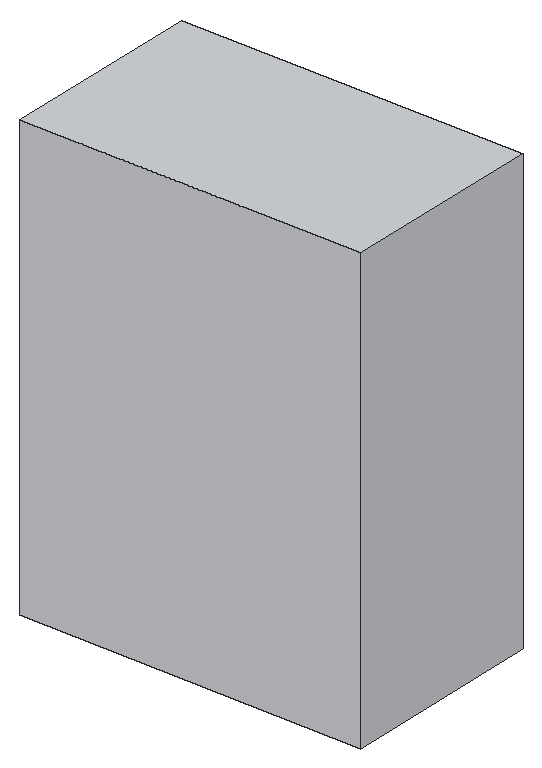
Revit family
Parameters
  Warranty Duration (Years) = 0
  Unit Width [instance] = 2' - 0"
  Unit Height [instance] = 0' - 9 99/256"
  Unit Depth = 0' - 0"
  URL = "http://www.americanspecialties.com/viewCategories.cfm"
  Trim Material = Metal - Stainless Steel w/satin
  Test Data = ""
  Specification = "http://www.arcat.com/sdspecs/htm/10810asi.htm"
  SpecWizard = ""
  Send Message = "http://www.arcat.com/users.pl?action=UserEmail&company=American%20Specialties,%20Inc.&coid=30448&rep=139&fax=914-476-0688&mf="
  Sales Information = "http://www.americanspecialties.com/contact"
  Revision = "R1_10-2010"
  Product Properties = "http://www.americanspecialties.com/datasheets/1615.pdf"
  Product Data = "http://www.arcat.com/arcatcos/cos30/arc30448.html"
  Model = "As Specified in 10 28 13"
  Manufacturer Website = "http://www.americanspecialties.com/viewCategories.cfm"
  Manufacturer Phone - Toll Free = ""
  Manufacturer Phone = "914-476-9000 "
  Manufacturer Fax = "914-476-0688"
  Manufacturer Address = "441 Saw Mill River Rd., Yonkers, NY 10701"
  Manufacturer = "American Specialties, Inc."
  Maintenance Schedule (Months) = 0
  Keynote = "10 28 13"
  Installation-Fabrication = "http://www.americanspecialties.com/products.cfm"
  Green Building-LEED = ""
  Expected Lifespan (Years) = 0
  Drawn By = "Robert S. Weygant. CSI, CDT, SCIP"  # constant formula
  Description = "Toilet Accessory as Specified in 10 28 13"
  Default Elevation = 4' - 0"
  Copyright = "©Arcat Inc."
  Construction Details = "http://www.arcat.com/green/clients/leed_data_30448.html"
  Building Codes = "http://www.americanspecialties.com/products.cfm"
  Body Material = Metal - Stainless Steel w/satin
  Assembly Code = "C1030210"
Reference planes (in)
  plane 1 "Center (Front/Back)": y = -0.29112
  plane 2 "Floor Line": z = 0
  plane 3 "Center (Left/Right)": x = -0.65843
  plane 4: z = 52.69336
  plane 5: x = -12.65843
  plane 6: x = 11.34157
  plane 7: z = 48
  plane 8: z = 57.38672
Forms (in)
  Extrusion 1, solid
    sketch origin (-3, -9, -6) x (0, 0, -1) y (1, 0, 0)
      loop
        line (-82, 31.34157) -> (-82, -26.99487) -> (-6, -26.99487) -> (-6, 31.34157) -> (-82, 31.34157)
    from 9 to -25.60721
  Extrusion 2, solid, material "Metal - Stainless Steel w/satin" <- "Body Material"
    sketch origin (0, 0, 0) x (1, 0, 0) y (0, 1, 0)
      loop
        circle (-12.65843, -0.29112) r 1.5
      loop
        circle (11.34157, -0.29112) r 1.5
      loop
        circle (-12.08812, 0.69669) r 0.125
      loop
        circle (-13.79906, -0.29112) r 0.125
      loop
        circle (-12.08812, -1.27893) r 0.125
      loop
        circle (10.77125, 0.69669) r 0.125
      loop
        circle (12.48219, -0.29112) r 0.125
      loop
        circle (10.77125, -1.27893) r 0.125
    from 0 to 0.25
  Sweep 3, solid, material "Metal - Stainless Steel w/satin" <- "Body Material"
    path origin (0, -0.29112, 0) x (1, 0, 0) y (0, 0, 1)
      loop
        line (-12.65843, 0.25) -> (-12.65843, 0.75)
        arc (-12.65843, 0.75) -> (-12.21909, 1.81066) -> (-11.15843, 2.25) r 1.5
        line (-11.15843, 2.25) -> (9.84157, 2.25)
        arc (9.84157, 2.25) -> (10.90223, 1.81066) -> (11.34157, 0.75) r 1.5
        line (11.34157, 0.75) -> (11.34157, 0.25)
    profile origin (-12.65843, -0.29112, 0.5) x (-1, 0, 0) y (0, -1, 0)
      loop
        circle (0, 0) r 0.75
  Extrusion 4, solid, material "Metal - Stainless Steel w/satin" <- "Body Material"
    sketch origin (0, 0, 0) x (1, 0, 0) y (0, 1, 0)
      loop
        line (-12.67555, -1.10362) -> (11.35868, -1.10362) -> (11.35868, -1.04112) -> (-12.67555, -1.04112) -> (-12.67555, -1.10362)
    from 0.25 to 2.26533
  Extrusion 5, void
    sketch origin (0, -0.29112, 0) x (1, 0, 0) y (0, 0, 1)
      loop
        line (-12.65843, 0.25) -> (-12.65843, 0.75)
        arc (-12.65843, 0.75) -> (-12.21909, 1.81066) -> (-11.15843, 2.25) r 1.5
        line (-11.15843, 2.25) -> (9.84157, 2.25)
        arc (9.84157, 2.25) -> (10.90223, 1.81066) -> (11.34157, 0.75) r 1.5
        line (11.34157, 0.75) -> (11.34157, 0.25) -> (13.09157, 0.25) -> (13.09157, 4) -> (-14.65843, 4) -> (-14.65843, 0.25) -> (-12.65843, 0.25)
    from 0 to 3.25636
Cuts and joins
  Extrusion 5 cuts Extrusion 2
  Extrusion 5 cuts Extrusion 4
Dimensions and locks (in)
  equal spacing: plane 8, plane 4, plane 7
  "Unit Height": plane 8 to plane 7
  "Default Elevation": plane 7 to plane 2 "Floor Line"
  aligned and locked: Extrusion 1 to level
  aligned and locked: Extrusion 4 to Extrusion 2
Automatic sketch dimensions
  Extrusion 1 sketch curve to Extrusion 1 sketch curve = 6' - 4"
  Extrusion 1 sketch curve to Extrusion 1 sketch curve = 4' - 10.33643"
  Extrusion 2 sketch curve to plane 1 "Center (Front/Back)" = 0' - 0"  (x4)
  Extrusion 2 sketch curve to plane 5 = 0' - 0"
  Extrusion 2 sketch curve to plane 6 = 0' - 0"
  Extrusion 2 sketch curve to Extrusion 2 sketch curve = 0' - 1 9/64"
  plane 5 to Extrusion 2 sketch curve = 0' - 0 73/128"  (x2)
  Extrusion 2 sketch curve to plane 6 = 0' - 0 73/128"  (x2)
  plane 6 to Extrusion 2 sketch curve = 0' - 1 9/64"
  plane 1 "Center (Front/Back)" to Extrusion 2 sketch curve = 0' - 0.98781"  (x2)
  Extrusion 2 sketch curve to plane 1 "Center (Front/Back)" = 0' - 0.98781"  (x2)
  Sweep 3 sketch curve to plane 5 = 0' - 0"
  Sweep 3 sketch curve to plane 6 = 0' - 0"
  plane 5 to Sweep 3 sketch curve = 0' - 1 1/2"
  level to Sweep 3 sketch curve = 0' - 0 3/4"
  Sweep 3 sketch curve to plane 6 = 0' - 1 1/2"
  level to Sweep 3 sketch curve = 0' - 0 1/4"  (x2)
  Sweep 3 sketch curve to plane 1 "Center (Front/Back)" = 0' - 0"
  Sweep 3 sketch curve to profile plane = 0' - 0"
  Extrusion 4 sketch curve to plane 5 = 0' - 0.01712"
  plane 6 to Extrusion 4 sketch curve = 0' - 0.01712"
  plane 1 "Center (Front/Back)" to Extrusion 4 sketch curve = 0' - 0 13/16"
  Extrusion 4 sketch curve to Extrusion 4 sketch curve = 0' - 0 1/16"
  Extrusion 5 sketch curve to plane 5 = 0' - 0"
  Extrusion 5 sketch curve to plane 6 = 0' - 0"
  Extrusion 5 sketch curve to plane 5 = 0' - 2"
  level to Extrusion 5 sketch curve = 0' - 0 3/4"
  Extrusion 5 sketch curve to Extrusion 5 sketch curve = 0' - 1 1/2"
  Extrusion 5 sketch curve to plane 6 = 0' - 1 1/2"
  level to Extrusion 5 sketch curve = 0' - 0 1/4"  (x2)
  Extrusion 5 sketch curve to Extrusion 5 sketch curve = 0' - 1 3/4"
  Extrusion 5 sketch curve to Extrusion 5 sketch curve = 0' - 3 1/4"
  radius of Extrusion 2 sketch curve = 0' - 1 1/2"  (x2)
  radius of Extrusion 2 sketch curve = 0' - 0 1/8"  (x6)
  radius of Sweep 3 sketch curve = 0' - 0 3/4"
